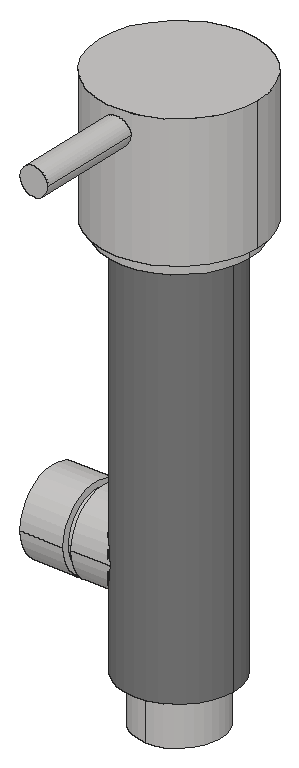
Revit family "S50", category Generic Models, Revit 2021
Family settings
  Can host rebar = No
  Round Connector Dimension = Use Diameter
  Part Type = Normal
  Work Plane-Based = No
  Always vertical = Yes
  Cut with Voids When Loaded = No
  Shared = No
  Room Calculation Point = No
Parameters (values of type "Standard")
  e-mail = "info@vola.com"
  URL = "http://vola.com"
  Telephone = "+45 7023 5500"
  Quality management standard = "ISO 9001"
  Organisation no. / DUNS no. = "17531328"
  Occupational health and safety management standard = "ISO 18001"
  Mounting Instructions = "http://vola.com/service/producturl.ashx?name=S50"
  Model = "S50"
  Materials and components information = "http://vola.com/service/producturl.ashx?name=S50"
  Manufacturer = "VOLA A/S"
  Maintenance Instructions = "http://vola.com/service/producturl.ashx?name=S50"
  Guarantee = "2 years"
  Flow = "32,00 l/min"
  Environmental management standard = "ISO 14000"
  Default Elevation = 0.0000 mm
  Connection - All relevant connections = "½\" for water connection"
  Approvals = "http://vola.com/service/producturl.ashx?name=S50"
Reference planes
  plane 1 "Center (Front/Back)": y = 0
  plane 2: z = 0
  plane 3 "Center (Left/Right)": x = 0
Forms (mm)
  Extrusion 1, solid, material "Stainless Steel"
    sketch origin (0, 0, 2) x (1, 0, 0) y (0, 1, 0)
      loop
        circle (0, 0) r 18
    from 0 to 3
  Extrusion 2, solid, material "Stainless Steel"
    sketch origin (0, 0, 5) x (1, 0, 0) y (0, 1, 0)
      loop
        circle (0, 0) r 20
    from 0 to 33.5
  Extrusion 3, solid, material "Stainless Steel"
    sketch origin (0, 0, -1.25) x (1, 0, 0) y (0, 0, 1)
      loop
        circle (0, 34.5) r 3.5
    from 0 to 46
  Extrusion 4, solid, material "Default"
    sketch origin (0, 0, 0) x (1, 0, 0) y (0, 1, 0)
      loop
        circle (0, 0) r 14
    from 2 to -98
  Extrusion 5, solid, material "Stainless Steel"
    sketch origin (0, 0, -98) x (0, 1, 0) y (1, 0, 0)
      loop
        circle (0, 0) r 9
    from 0 to 2
  Extrusion 6, solid, material "Stainless Steel"
    sketch origin (0, 0, -100) x (-1, 0, 0) y (0, 1, 0)
      loop
        circle (0, 0) r 10.45
    from 10 to 0
  Extrusion 7, solid, material "Stainless Steel"
    sketch origin (0, 0, 25) x (0, 1, 0) y (0, 0, 1)
      loop
        circle (0, -98) r 10.5
    from -19 to 0
  Extrusion 8, solid, material "Stainless Steel"
    sketch origin (-19, 0, 25) x (0, -1, 0) y (0, 0, 1)
      loop
        circle (0, -98) r 9
    from 2 to 0
  Extrusion 9, solid, material "Stainless Steel"
    sketch origin (-21, 0, 25) x (0, -1, 0) y (0, 0, 1)
      loop
        circle (0, -98) r 10.45
    from 11 to 0
  Extrusion 10, void
    sketch origin (0, 0, -98) x (1, 0, 0) y (0, 1, 0)
      loop
        circle (0, 0) r 14
    from 41.193 to 9.651
Cuts and joins
  joined: Extrusion 2, Extrusion 3
  Extrusion 10 cuts Extrusion 5
  Extrusion 10 cuts Extrusion 7
Lines and regions (mm)
  reference lines
    curve 1: line (0, 0, -110) -> (0, 0, -140)
    curve 2: line (-32, 0, -73) -> (-62, 0, -73)
  model lines
    curve 3: line (6.05, 19.063, 38.5) -> (6.05, -19.063, 38.5)
    curve 4: line (-6.05, -19.063, 38.5) -> (-6.05, 19.063, 38.5)
Dimensions and locks
  aligned and locked: plane 2 to level
